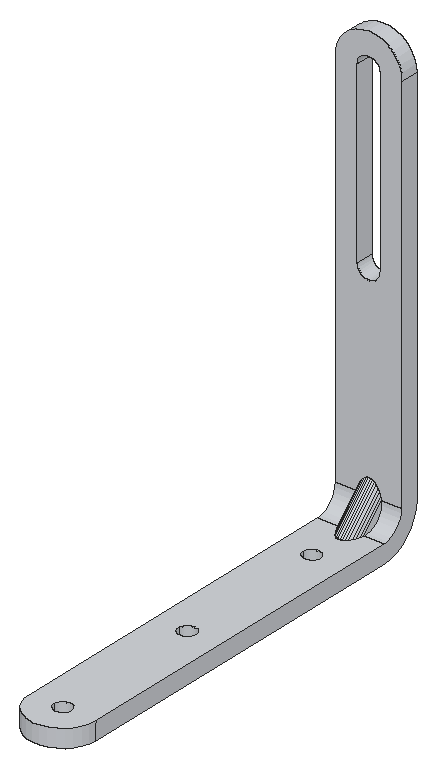
Revit family "1 SOUND_L Bracket", category Communication Devices, host Face, Revit 2020
Family settings
  Host = Face
  Maintain Annotation Orientation = No
  Round Connector Dimension = Use Diameter
  Part Type = Normal
  Cut with Voids When Loaded = No
  Shared = No
  Room Calculation Point = No
Parameters (values of type "L Bracket")
  Weight = ".42 kg"
  URL = "https://www.1-sound.com/lbracket"
  Model = "L Bracket"
  Material = "Zinc Plated"
  Manufacturer = "1 SOUND"  # constant formula
  Finish = "Powder Coated"
  Dimensions (HxWxD) = "30.00mm x 205.00mm x 195.00mm"
  Default Elevation = 2438.40 mm
  Construction = "Stainless Steel"
  Category = "Accessory"  # constant formula
  Accessory Finish [instance] = none
Reference planes
  plane 1 "Center (Front/Back)": y = 0
  plane 2: z = 0
  plane 3 "Center (Left/Right)": x = 0
Forms (mm)
  Extrusion 1, solid, material <- "Accessory Finish"
    sketch origin (0, 0, 0) x (1, 0, 0) y (0, 1, 0)
      loop
        line (-15, 92) -> (-15, -70)
        arc (-15, -70) -> (0, -85) -> (15, -70) r 15
        line (15, -70) -> (15, 92) -> (-15, 92)
      loop
        circle (0, 70) r 4
      loop
        circle (0, 0) r 4
      loop
        circle (0, -70) r 4
    from 0 to 8
  Extrusion 2, solid, material <- "Accessory Finish"
    sketch origin (0, 0, 0) x (1, 0, 0) y (0, 0, 1)
      loop
        line (15, 18) -> (15, 190)
        arc (15, 190) -> (0, 205) -> (-15, 190) r 15
        line (-15, 190) -> (-15, 18) -> (15, 18)
      loop
        line (-5.25, 190) -> (-5.25, 110)
        arc (-5.25, 110) -> (0, 104.75) -> (5.25, 110) r 5.25
        line (5.25, 110) -> (5.25, 190)
        arc (5.25, 190) -> (0, 195.25) -> (-5.25, 190) r 5.25
    from -110 to -102
  Extrusion 3, solid, material <- "Accessory Finish"
    sketch origin (0, 0, 0) x (0, 1, 0) y (0, 0, 1)
      loop
        line (92, 8) -> (92, 0)
        arc (92, 0) -> (104.728, 5.272) -> (110, 18) r 18
        line (110, 18) -> (102, 18)
        arc (102, 18) -> (99.071, 10.929) -> (92, 8) r 10
    from -15 to 15
  Sweep 4, solid, material <- "Accessory Finish"
    path origin (1.597, 0, 23.515) x (0, -1, 0) y (0, 0, -1)
      loop
        line (-84.828, 15.515) -> (-102, -1.657)
    profile origin (1.597, 93.414, 16.586) x (0, -0.707107, 0.707107) y (1, 0, 0)
      loop
        line (-5.495, -7.217) -> (-4.328, -6.835) -> (-3.257, -6.333) -> (-2.304, -5.723) -> (-1.494, -5.017) -> (-0.843, -4.233) -> (-0.367, -3.389) -> (-0.077, -2.503) -> (0.02, -1.597) -> (-0.077, -0.691) -> (-0.367, 0.195) -> (-0.843, 1.039) -> (-1.494, 1.823) -> (-2.304, 2.529) -> (-3.257, 3.139) -> (-4.328, 3.642) -> (-5.495, 4.023)
        arc (-5.495, 4.023) -> (-7.663, 4.317) -> (-9.849, 4.403) r 22.949
        line (-9.849, 4.403) -> (-9.849, -7.597)
        arc (-9.849, -7.597) -> (-7.663, -7.511) -> (-5.495, -7.217) r 22.949
Cuts and joins
  joined: Extrusion 1, Extrusion 2, Extrusion 3
Dimensions and locks
  aligned and locked: plane 2 to host face
  aligned and locked: level to host face
